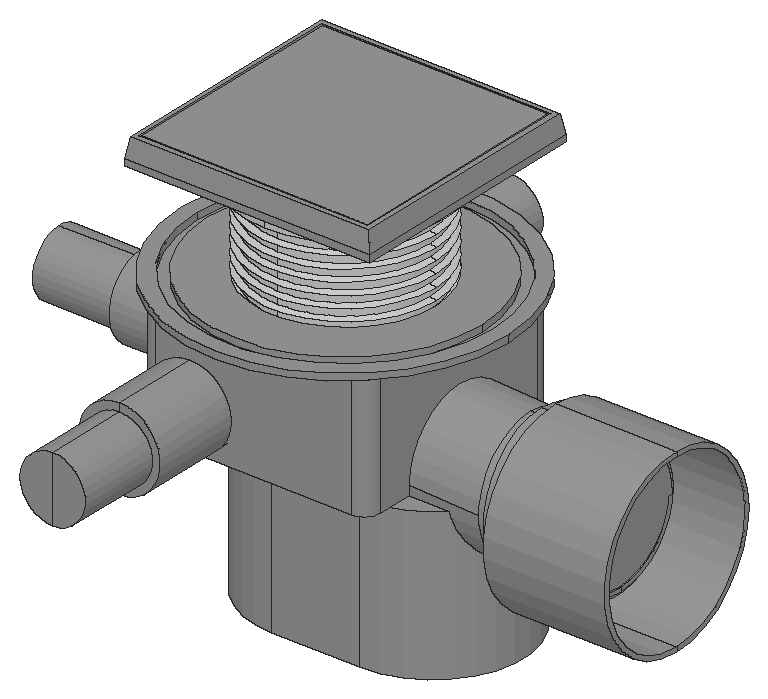
Revit family "HL_Трап для внутренних помещений_HL70G", category Instalační zařizovací předměty, Revit 2016
Family settings
  Typ součásti = Normální
  Kóta kulaté spojky = Použít průměr
  Číslo OmniClass = 23.70.50.21.24.14
  Nadpis OmniClass = Deck Waste Water Drains
  Založené na pracovní rovině = Ne
  Vždy vertikální = Ano
  Ořezat dutým tvarem při načtení = Ne
  Sdílené = Ano
  Bod výpočtu místnosti = Ano
Parameters (values of type "HL_Трап для внутренних помещений_HL70G")
  РЕШЁТКА = "137x137mm/ GJL"
  РАЗМЕР = "DN75/110"
  ПРОПУСКНАЯ СПОСОБНОСТЬ [instance] = 0.0 L/s
  ПРОИЗВОДИТЕЛЬНОСТЬ = "1,12 l/s"
  ПРИЁМНОЕ ОТВЕРСТИЕ = "3 x DN40/50"
  ПРАВОВАЯ ИНФОРМАЦИЯ = "\"Авторские права(©), права на дизайн или какие либо другие права интелектуальной собственности являются исключительной собственностью компании HL Hutterer & Lechner. Изменению не подлежит. Файл семейства с данными о прозводителе изделия защищен паролем с водяным знаком.\""
  ПАДЕНИЕ ДАВЛЕНИЯ [instance] = 0.0 Pa
  НОМИНАЛЬНЫЙ ДИАМЕТР 4 [instance] = 40 mm
  НОМИНАЛЬНЫЙ ДИАМЕТР 3 [instance] = 40 mm
  НОМИНАЛЬНЫЙ ДИАМЕТР 2 [instance] = 40 mm
  НОМИНАЛЬНЫЙ ДИАМЕТР [instance] = 110 mm
  НАСАДКА = "35-75 mm / 150 x 150 mm / GJL"
  МАТЕРИАЛ = "PE"
  МАКСИМАЛЬНАЯ НАГРУЗКА КЛАССА = "A/L15 - 1,5 t"
  ВЫСОТА МОНТАЖА = "213 mm"
  ВЕС = "2,892 kg"
  Připojení ventilace = no
  Výrobce = "HL Hutterer & Lechner GmbH"
  URL = "http://www.hutterer-lechner.com/ru/products/catalog/roof-drains/HL70G.aspx"
  Připojení odpadu = yes
  Připojení HW = no
  Popis = "Трап для внутренних помещений"
  N [instance] = НОМИНАЛЬНЫЙ ДИАМЕТР = 110 mm  # yes
  Model = "HL70G"
  L24 [instance] = 39 mm
  Komentáře k typům = "Трап для внутренних помещений DN75/110 горизонтальный с предохранительным затвором обратного потока воды и тремя входными отверстиями DN40/50, 150х150мм/137х137мм чугун"
  Keynote = "HL70G"
  Высота монтажа [instance] = 80 mm
  Připojení CW = no
  FO [instance] = FI1 + FI2 + FI3 + ПРОПУСКНАЯ СПОСОБНОСТЬ  # 0.0 L/s
  FI3 [instance] = 0.0 L/s
  FI2 [instance] = 0.0 L/s
  FI1 [instance] = 0.0 L/s
  EAN = "9003076001941"
  E [instance] = if(Высота монтажа > 80.1 mm, 120 mm, Высота монтажа)  # 80 mm
  D4 [instance] = if(НОМИНАЛЬНЫЙ ДИАМЕТР 4 = 40 mm, 174.8 mm, if(НОМИНАЛЬНЫЙ ДИАМЕТР 4 = 50 mm, 123.8 mm, 0 mm))  # 174.8 mm
  D3 [instance] = if(НОМИНАЛЬНЫЙ ДИАМЕТР 3 = 40 mm, 175 mm, if(НОМИНАЛЬНЫЙ ДИАМЕТР 3 = 50 mm, 124 mm, 0 mm))  # 175 mm
  D2 [instance] = if(НОМИНАЛЬНЫЙ ДИАМЕТР 2 = 40 mm, 174.8 mm, if(НОМИНАЛЬНЫЙ ДИАМЕТР 2 = 50 mm, 123.8 mm, 0 mm))  # 174.8 mm
  D1 [instance] = if(НОМИНАЛЬНЫЙ ДИАМЕТР = 75 mm, 168.8 mm, 202.6 mm)  # 202.6 mm
  D [instance] = Высота монтажа + 56.6 mm  # 136.6 mm
  C [instance] = Высота монтажа + 56.6 mm  # 136.6 mm
  B [instance] = if(НОМИНАЛЬНЫЙ ДИАМЕТР = 75 mm, 81 mm, 82.7 mm) + Высота монтажа  # 162.7 mm
  A [instance] = if(B - 100 mm > 15 mm, B - 100 mm, 15 mm)  # 62.7 mm
Reference planes
  plane 1 "Center (Front/Back)": y = 0
  plane 2: z = 0
  plane 3 "Center (Left/Right)": x = 0
  plane 4 "Ball Joint Vertical": x = 25.45
  plane 5: z = -80
  plane 6: z = -162.7
  plane 7: x = -39
Lines and regions (mm)
  model lines, style "InvisibleLines"
    curve 1: line (0, 0, 0) -> (0, 0, 560)
  reference lines
    curve 2: line (172.6, 0, -162.7) -> (202.6, 0, -162.7)
    curve 6: line (-39, 0, -136.6) -> (-175, 0, -136.6)
    curve 24: line (-39, 0, -136.6) -> (-39, 174.8, -136.6)
    curve 25: line (-39, 0, -136.6) -> (-39, -174.8, -136.6)
  model lines, detail levels coarse+medium
    curve 3: line (0, 0, -162.7) -> (0, 0, -100)
    curve 4: line (0, 0, -100) -> (100, 0, 0)
    curve 5: line (0, 0, -100) -> (-100, 0, 0)
    curve 7: line (0, 0, -162.7) -> (202.6, 0, -162.7)
  symbolic lines, style "PlumbingFixtures", detail levels coarse+medium
    curve 8: line (-75, 75, 0) -> (75, 75, 0)
    curve 9: line (-75, -75, 0) -> (-75, 75, 0)
    curve 10: line (75, -75, 0) -> (-75, -75, 0)
    curve 11: line (75, 75, 0) -> (75, -75, 0)
    curve 12: line (-75, 75, 0) -> (-145.711, 145.711, 0)
    curve 13: line (75, 75, 0) -> (145.711, 145.711, 0)
    curve 14: line (-75, -75, 0) -> (-145.711, -145.711, 0)
    curve 15: line (75, -75, 0) -> (145.711, -145.711, 0)
  symbolic lines, style "PlumbingFixtures", not visible, detail levels coarse+medium
    curve 16: line (-75, 75, 0) -> (75, 75, 0)
    curve 17: line (-75, -75, 0) -> (-75, 75, 0)
    curve 18: line (75, -75, 0) -> (-75, -75, 0)
    curve 19: line (75, 75, 0) -> (75, -75, 0)
    curve 20: line (-75, 75, 0) -> (-145.711, 145.711, 0)
    curve 21: line (75, 75, 0) -> (145.711, 145.711, 0)
    curve 22: line (-75, -75, 0) -> (-145.711, -145.711, 0)
    curve 23: line (75, -75, 0) -> (145.711, -145.711, 0)
Text (mm)
  text "FLOOR" at (-198.233, 0, -26.556), in view "вид строительства"
Dimensions and locks
  locked: plane 4 "Ball Joint Vertical" to plane 3 "Center (Left/Right)" at 25.45
  "Высота монтажа": plane 2 to plane 5
  "A": curve 5 to plane 6
  "B": curve 5 to plane 6
  "B": curve 4 to plane 6
  "B": plane 2 to plane 6
  "C": plane 2 to curve 6
  "B": plane 2 to curve 7
  "D3": plane 3 "Center (Left/Right)" to curve 6
  "L24": plane 7 to plane 3 "Center (Left/Right)"
  "D1": curve 2 to plane 3 "Center (Left/Right)"
  "D1": curve 7 to plane 3 "Center (Left/Right)"
  "D4": curve 24 to plane 1 "Center (Front/Back)"
  "D2": plane 1 "Center (Front/Back)" to curve 25
  "D": curve 25 to plane 2
  locked: plane 5 to nested 4 at 76.745
  locked: curve 4 to plane 3 "Center (Left/Right)" (angle 45.00°)
  locked: plane 3 "Center (Left/Right)" to curve 5 (angle 45.00°)
  aligned and locked: level to plane 2
  aligned and locked: plane 2 to curve 1
  aligned and locked: plane 3 "Center (Left/Right)" to curve 1
  aligned and locked: plane 3 "Center (Left/Right)" to curve 5
  aligned and locked: plane 6 to curve 2
  aligned and locked: plane 5 to nested 1
  aligned and locked: nested 1 to plane 3 "Center (Left/Right)"
  aligned and locked: nested 3 to nested 2
  aligned and locked: nested 2 to nested 3
  aligned and locked: plane 3 "Center (Left/Right)" to nested 2
  aligned and locked: plane 2 to nested 2
Automatic sketch dimensions
  level to curve 1 = 560 mm
  curve 6 to plane 7 = 0 mm
  curve 2 to curve 2 = 30 mm
  curve 25 to plane 1 "Center (Front/Back)" = 0 mm
Nested families
  nested 1: "HL-Трап для внутренних помещений-HL70K" at (0, 0, -80) x (-1, 0, 0) z (0, 0, 1), НОМИНАЛЬНЫЙ ДИАМЕТР 2 <- "НОМИНАЛЬНЫЙ ДИАМЕТР 2", НОМИНАЛЬНЫЙ ДИАМЕТР 3 <- "НОМИНАЛЬНЫЙ ДИАМЕТР 3", НОМИНАЛЬНЫЙ ДИАМЕТР 4 <- "НОМИНАЛЬНЫЙ ДИАМЕТР 4", type "HL-Трап для внутренних помещений-HL70K"
    with НОМИНАЛЬНЫЙ ДИАМЕТР 4 40 mm, НОМИНАЛЬНЫЙ ДИАМЕТР 3 40 mm, НОМИНАЛЬНЫЙ ДИАМЕТР 2 40 mm, НОМИНАЛЬНЫЙ ДИАМЕТР 0 mm, ND4 -90 mm, ND3 -90 mm, ND2 -90 mm
  nested 2: "HL-Насадная деталь-HL037G.2E" at (0, 0, 0), Высота монтажа <- "E", type "HL037G.2E"
    with Высота монтажа 80 mm, RN 10, RL 65 mm, R yes, NL_Test yes, NL 100 mm
  nested 3: "HL-Решётка-HL037G.1E" at (0, 0, 0), type "HL037G.1E"
  nested 4: "HL-Уменьшение-HL0317.4E" at (128.665, 0, -217.745) x (1, 0, 0) z (0, 0, -1), visible <- "N", type "HL0317.4E"
Connectors
  piping at (202.6, 0, -162.7), diameter 110, driven by "НОМИНАЛЬНЫЙ ДИАМЕТР", driven by "FO"
    settings: on curve 2, index 1, connector inside diameter 609.6 mm, connector length 0 mm, flow factor 0, pipe flow 0.0 L/s, pressure drop 0.0 Pa, fitting loss kfactor 0, connector angle 0.00°, fixture units 0, engagement length 0 mm, angle of deflection 0.00°, flow configuration 1, flow direction 2, fitting loss method 0, system type 16, joint type 0, gender type 0, connector reference index 2, connector utility 0, adjustable connector yes, is connector primary no, connector description ""
  piping at (-175, 0, -136.6), diameter 40, driven by "НОМИНАЛЬНЫЙ ДИАМЕТР 3", driven by "FI2"
    settings: on curve 6, index 2, connector inside diameter 609.6 mm, connector length 0 mm, flow factor 0, pipe flow 0.0 L/s, pressure drop 0.0 Pa, fitting loss kfactor 0, connector angle 0.00°, fixture units 0, engagement length 0 mm, angle of deflection 0.00°, flow configuration 0, flow direction 1, fitting loss method 0, system type 16, joint type 0, gender type 0, connector reference index 1, connector utility 0, adjustable connector yes, is connector primary yes, connector description ""
  piping at (-39, 174.8, -136.6), diameter 40, driven by "НОМИНАЛЬНЫЙ ДИАМЕТР 4", driven by "FI3"
    settings: on curve 24, index 4, connector inside diameter 609.6 mm, connector length 0 mm, flow factor 0, pipe flow 0.0 L/s, pressure drop 0.0 Pa, fitting loss kfactor 0, connector angle 0.00°, fixture units 0, engagement length 0 mm, angle of deflection 0.00°, flow configuration 0, flow direction 1, fitting loss method 0, system type 16, joint type 0, gender type 0, connector reference index -1, connector utility 0, adjustable connector yes, is connector primary no, connector description ""
  piping at (-39, -174.8, -136.6), diameter 40, driven by "НОМИНАЛЬНЫЙ ДИАМЕТР 2", driven by "FI1"
    settings: on curve 25, index 5, connector inside diameter 609.6 mm, connector length 0 mm, flow factor 0, pipe flow 0.0 L/s, pressure drop 0.0 Pa, fitting loss kfactor 0, connector angle 0.00°, fixture units 0, engagement length 0 mm, angle of deflection 0.00°, flow configuration 0, flow direction 1, fitting loss method 0, system type 16, joint type 0, gender type 0, connector reference index -1, connector utility 0, adjustable connector yes, is connector primary no, connector description ""
Definition of nested family "HL-Трап для внутренних помещений-HL70K"
  Parameters
    РАЗМЕР = ""
    ПРОИЗВОДИТЕЛЬНОСТЬ = ""
    ПРИЁМНОЕ ОТВЕРСТИЕ = ""
    НОМИНАЛЬНЫЙ ДИАМЕТР 4 [instance] = 40 mm
    НОМИНАЛЬНЫЙ ДИАМЕТР 3 [instance] = 40 mm
    НОМИНАЛЬНЫЙ ДИАМЕТР 2 [instance] = 40 mm
    НОМИНАЛЬНЫЙ ДИАМЕТР [instance] = 0 mm
    МАТЕРИАЛ = ""
    ВЫСОТА МОНТАЖА = ""
    ВЕС = ""
    Manufacturer = ""
    URL = ""
    Description = ""
    ND4 [instance] = if(НОМИНАЛЬНЫЙ ДИАМЕТР 4 = 40 mm, -90 mm, if(НОМИНАЛЬНЫЙ ДИАМЕТР 4 = 50 mm, 0 mm, -100 mm))  # -90 mm
    ND3 [instance] = if(НОМИНАЛЬНЫЙ ДИАМЕТР 3 = 40 mm, -90 mm, if(НОМИНАЛЬНЫЙ ДИАМЕТР 3 = 50 mm, 0 mm, -100 mm))  # -90 mm
    ND2 [instance] = if(НОМИНАЛЬНЫЙ ДИАМЕТР 2 = 40 mm, -90 mm, if(НОМИНАЛЬНЫЙ ДИАМЕТР 2 = 50 mm, 0 mm, -100 mm))  # -90 mm
    Model = ""
    LEGAL NOTICE = ""
    Type Comments = ""
    Keynote = ""
    EAN = ""
    Cost = 0
  Types (2, lengths in mm): name | РАЗМЕР | ПРОИЗВОДИТЕЛЬНОСТЬ | ПРИЁМНОЕ ОТВЕРСТИЕ | МАТЕРИАЛ | ВЫСОТА МОНТАЖА | ВЕС | Manufacturer | URL | Description | Model | LEGAL NOTICE | Type Comments | Keynote | EAN
    (no name) | "" | "" | "" | "" | "" | "" | "" | "" | "" | "" | "" | "" | "" | ""
    HL-Трап для внутренних помещений-HL70K | "DN75/110" | "1,12 l/s" | "3 x DN40/50" | "PE" | "173 mm" | "0,726 kg" | "HL Hutterer & Lechner GmbH" | "http://www.hutterer-lechner.com/ru/products/catalog/roof-drains/HL70K.aspx" | "Трап для внутренних помещений" | "HL70K" | "\"Авторские права(©), права на дизайн или какие либо другие права интелектуальной собственности являются исключительной собственностью компании HL Hutterer & Lechner. Изменению не подлежит. Файл семейства с данными о прозводителе изделия защищен паролем с водяным знаком.\"" | "Трап для внутренних помещений DN75/110 горизонтальный с предохранительным затвором обратного потока воды и тремя входными отверстиями DN40/50." | "HL70K" | "9003076011995"
  Reference planes
    plane 1 "Střed (vpředu/vzadu)": y = 0
    plane 2: z = 0
    plane 3 "Střed (vlevo/vpravo)": x = 0
  Forms (mm)
    Extrusion 1, solid, detail levels fine
      sketch origin (0, 0, 0) x (1, 0, 0) y (0, 1, 0)
        loop
          circle (0, 0) r 100
        loop
          circle (0, 0) r 90.712
        loop
          circle (0, 0) r 83.924
        loop
          circle (0, 0) r 55.36
      from 0 to -4
    Extrusion 2, solid, detail levels fine
      sketch origin (0, 0, -4) x (0, 1, 0) y (1, 0, 0)
        loop
          circle (0, 0) r 93.56
      from 0 to 3
    Extrusion 3, solid, detail levels fine
      sketch origin (0, 0, -7) x (-1, 0, 0) y (0, 1, 0)
        loop
          arc (60, -70) -> (67.071, -67.071) -> (70, -60) r 10
          line (70, -60) -> (70, 60)
          arc (70, 60) -> (67.071, 67.071) -> (60, 70) r 10
          line (60, 70) -> (-60, 70)
          arc (-60, 70) -> (-67.071, 67.071) -> (-70, 60) r 10
          line (-70, 60) -> (-70, -60)
          arc (-70, -60) -> (-67.071, -67.071) -> (-60, -70) r 10
          line (-60, -70) -> (60, -70)
      from 0 to 74.618
    Extrusion 4, solid, detail levels fine
      sketch origin (0, 0, -81.618) x (0, -1, 0) y (-1, 0, 0)
        loop
          arc (-56, 0) -> (-0.32, -55.68) -> (55.36, 0) r 55.68
          line (55.36, 0) -> (55.36, 54)
          arc (55.36, 54) -> (-0.32, 109.68) -> (-56, 54) r 55.68
          line (-56, 54) -> (-56, 0)
      from 0 to 92
    Sweep 5, solid, detail levels fine
      path origin (0, 0, 1.669) x (1, 0, 0) y (0, 0, 1)
        loop
          line (-167.087, -116.62) -> (-37.204, -111.12)
      profile origin (-102.145, 0, -112.201) x (-0.042308, 0, 0.999105) y (0, -1, 0)
        loop
          circle (34.934, 0) r 39
    Revolve 6, solid, detail levels fine
      sketch origin (0, 0, 22.014) x (1, 0, 0) y (0, 0, 1)
        loop
          line (175, -78.618) -> (175, -58.618) -> (124.072, -58.618) -> (124.072, -53.618) -> (65, -53.618) -> (65, -78.618) -> (175, -78.618)
        axis (175, -78.618) -> (65, -78.618)
      angle from 0 to 360
    Extrusion 7, void
      sketch origin (124.072, 0, -56.604) x (0, -1, 0) y (0, 0, 1)
        loop
          circle (0, 0) r 25
      from -100 to -90 <- "ND3"
    Revolve 8, solid, detail levels fine
      sketch origin (39, -0.32, 22.014) x (0, 1, 0) y (0, 0, 1)
        loop
          line (175, -78.618) -> (175, -58.618) -> (124.072, -58.618) -> (124.072, -53.618) -> (65, -53.618) -> (65, -78.618) -> (175, -78.618)
        axis (175, -78.618) -> (65, -78.618)
      angle from 0 to 360
    Extrusion 9, void
      sketch origin (39, 123.752, -56.604) x (1, 0, 0) y (0, 0, 1)
        loop
          circle (0, 0) r 25
      from -100 to -90 <- "ND2"
    Revolve 10, solid, detail levels fine
      sketch origin (39, 0.32, 22.014) x (0, -1, 0) y (0, 0, -1)
        loop
          line (175, 78.618) -> (65, 78.618) -> (65, 53.618) -> (124.072, 53.618) -> (124.072, 58.618) -> (175, 58.618) -> (175, 78.618)
        axis (175, 78.618) -> (65, 78.618)
      angle from 0 to 360
    Extrusion 11, void
      sketch origin (39, -123.752, -56.604) x (0, 0, -1) y (-1, 0, 0)
        loop
          circle (0, 0) r 25
      from -100 to -90 <- "ND4"
  Cuts and joins
    Extrusion 11 cuts Revolve 10
    Extrusion 7 cuts Revolve 6
    Extrusion 9 cuts Revolve 8
  Dimensions and locks
    aligned and locked: level to plane 2
Definition of nested family "HL-Насадная деталь-HL037G.2E"
  Parameters
    РАЗМЕР = "d 110 mm"
    ПРАВОВАЯ ИНФОРМАЦИЯ = "Авторские права(©), права на дизайн или какие либо другие права интелектуальной собственности являются исключительной собственностью компании HL Hutterer & Lechner. Изменению не подлежит. Файл семейства с данными о прозводителе изделия защищен паролем с водяным знаком."  # constant formula
    НАСАДКА = "150x150mm"
    МАКСИМАЛЬНАЯ НАГРУЗКА КЛАССА = "A/L15 - 1,5 t"
    Высота монтажа [instance] = 75 mm
    ВЕС = "2,03 [kg]"
    Waste Connection = yes
    Vent Connection = no
    RD = 6.5 mm  # constant formula
    R [instance] = ((Высота монтажа - NL_Min) / RD - 1) > 2  # yes
    RL [instance] = RD * RN  # 58.5 mm
    NL_Test [instance] = and(or(Высота монтажа < NL_Max, Высота монтажа = NL_Max), or(Высота монтажа > NL_Min, Высота монтажа = NL_Min))  # yes
    NL_Min = 30 mm
    NL_Max = 95 mm
    NL [instance] = if(NL_Test, Высота монтажа + 20 mm, 0 mm)  # 95 mm
    RN [instance] = if((Высота монтажа + 20 mm - NL_Min) / RD - 1 < 2, 2, (Высота монтажа + 20 mm - NL_Min) / RD - 1)  # 9
    Manufacturer = "HL Hutterer & Lechner GmbH"  # constant formula
    URL = "http://www.hutterer-lechner.com/ru/Products/catalog/floor-drains/attachments/HL037G.2E.aspx"
    HW Connection = no
    Description = "Трапы для внутренних помещений - Комплектующие"
    Model = "HL037G.2E"
    Type Comments = "HL037G.2E Подрамники d 110 мм из чугуна 150х150 мм"
    Keynote = "HL037G.2E"
    EAN = "9003076025404"
    CW Connection = no
  Reference planes
    plane 1 "Center (Front/Back)": y = 0
    plane 2: z = 0
    plane 3 "Center (Left/Right)": x = 0
    plane 4 "Ball Joint Vertical": x = 25.45
    plane 5: z = -95
  Forms (mm)
    Extrusion 1, solid, detail levels fine
      sketch origin (0, 0, 0) x (1, 0, 0) y (0, 1, 0)
        loop
          line (-75, 75) -> (-75, -75) -> (75, -75) -> (75, 75) -> (-75, 75)
        loop
          circle (0, 0) r 50.15
      from -12 to -16
    Sweep 2, solid, detail levels fine
      path in 3D
        loop
          line (-75, 75, -12) -> (-75, -75, -12) -> (75, -75, -12) -> (75, 75, -12) -> (-75, 75, -12)
      profile origin (0, 75, -12) x (0, -1, 0) y (0, 0, 1)
        loop
          line (2.116, 12) -> (0, 0) -> (15, 0) -> (15, 4) -> (5, 4) -> (5, 12) -> (2.116, 12)
    Extrusion 3, solid, detail levels fine
      sketch origin (0, 0, 0) x (1, 0, 0) y (0, 1, 0)
        loop
          line (-60, 60) -> (-60, -60) -> (60, -60) -> (60, 60) -> (-60, 60)
        loop
          circle (0, 0) r 50.5
      from -8 to -12
    Revolve 4, solid, detail levels fine
      sketch origin (0, 0, 0) x (0, 1, 0) y (0, 0, 1)
        loop
          line (64.5, -16) -> (62.224, -16) -> (59.8, -18.424) -> (59.8, -27.8) -> (50.15, -27.8) -> (50.15, -29.5) -> (50.15, -95) -> (51.85, -95) -> (51.85, -29.5) -> (61.5, -29.5) -> (61.5, -19) -> (64.5, -16)
        axis (0, -16) -> (0, -95)
      angle from 0 to 360
  Cuts and joins
    joined: Extrusion 1, Sweep 2, Extrusion 3
  Lines and regions (mm)
    symbolic lines
      curve 1: line (0, 0, -95) -> (0, 0, 0)
    sketch lines
      curve 2: line (75, 75, -12) -> (-75, 75, -12)
      curve 3: line (75, -75, -12) -> (75, 75, -12)
      curve 4: line (-75, -75, -12) -> (75, -75, -12)
      curve 5: line (-75, 75, -12) -> (-75, -75, -12)
  Text (mm)
    text "ROOF/FLOOR" at (-198.233, 0, -26.556), in view "Drain Construction View"
  Dimensions and locks
    locked: plane 4 "Ball Joint Vertical" to plane 3 "Center (Left/Right)" at 25.45
    "NL": plane 2 to plane 5
    equal spacing: group 1, group 3, group 4, group 5, group 6, group 7, group 8, group 9, group 2  (x3)
    "RL": nested 2 to nested 1
    locked: nested 1 to plane 5 at 1.516
    aligned and locked: level to plane 2
    aligned and locked: plane 3 "Center (Left/Right)" to nested 1
    aligned and locked: plane 1 "Center (Front/Back)" to nested 1
    aligned and locked: plane 2 to curve 1
    aligned and locked: plane 5 to curve 1
    aligned and locked: plane 5 to Revolve 4
  Automatic sketch dimensions
    curve 1 to plane 4 "Ball Joint Vertical" = 25.45 mm
    Extrusion 1 sketch curve to Extrusion 1 sketch curve = 0 mm  (x2)
    plane 1 "Center (Front/Back)" to Extrusion 1 sketch curve = 0 mm
    Extrusion 1 sketch curve to plane 3 "Center (Left/Right)" = 0 mm
    Extrusion 1 sketch curve to plane 3 "Center (Left/Right)" = 75 mm
    plane 4 "Ball Joint Vertical" to Extrusion 1 sketch curve = 49.55 mm
    plane 1 "Center (Front/Back)" to Extrusion 1 sketch curve = 75 mm
    Extrusion 1 sketch curve to plane 1 "Center (Front/Back)" = 75 mm
    plane 1 "Center (Front/Back)" to Extrusion 1 sketch curve = 5.198 mm
    Extrusion 1 sketch curve to plane 3 "Center (Left/Right)" = 49.88 mm
    Extrusion 1 sketch curve to plane 1 "Center (Front/Back)" = 5.198 mm
    Sweep 2 sketch curve to profile plane = 0 mm  (x2)
    Sweep 2 sketch curve to profile plane = 2.116 mm
    Sweep 2 sketch curve to Sweep 2 sketch curve = 2.884 mm
    profile plane to Sweep 2 sketch curve = 4 mm
    Sweep 2 sketch curve to Sweep 2 sketch curve = 10 mm
    Sweep 2 sketch curve to Sweep 2 sketch curve = 8 mm
    Extrusion 3 sketch curve to Extrusion 3 sketch curve = 0 mm  (x2)
    plane 1 "Center (Front/Back)" to Extrusion 3 sketch curve = 0 mm
    Extrusion 3 sketch curve to plane 3 "Center (Left/Right)" = 0 mm
    Extrusion 3 sketch curve to plane 3 "Center (Left/Right)" = 60 mm
    plane 4 "Ball Joint Vertical" to Extrusion 3 sketch curve = 34.55 mm
    plane 1 "Center (Front/Back)" to Extrusion 3 sketch curve = 60 mm
    Extrusion 3 sketch curve to plane 1 "Center (Front/Back)" = 60 mm
    Extrusion 3 sketch curve to plane 1 "Center (Front/Back)" = 5.234 mm
    Extrusion 3 sketch curve to plane 3 "Center (Left/Right)" = 50.228 mm
    plane 1 "Center (Front/Back)" to Extrusion 3 sketch curve = 5.234 mm
    Revolve 4 sketch curve to plane 1 "Center (Front/Back)" = 0 mm
    Revolve 4 sketch curve to plane 1 "Center (Front/Back)" = 50.15 mm
    Revolve 4 sketch curve to Revolve 4 sketch curve = 1.7 mm  (x3)
    Revolve 4 sketch curve to Revolve 4 sketch curve = 7.95 mm
    Revolve 4 sketch curve to level = 16 mm
    Revolve 4 sketch curve to Revolve 4 sketch curve = 0.724 mm
    Revolve 4 sketch curve to Revolve 4 sketch curve = 2.276 mm
    Revolve 4 sketch curve to Revolve 4 sketch curve = 2.424 mm
    Revolve 4 sketch curve to Revolve 4 sketch curve = 0.576 mm
    Revolve 4 sketch curve to Revolve 4 sketch curve = 9.376 mm
    Revolve 4 sketch curve to Revolve 4 sketch curve = 0 mm
    Revolve 4 sketch curve to plane 5 = 0 mm
    Revolve 4 sketch curve to plane 5 = 60 mm
    level to Revolve 4 sketch curve = 50 mm
  Nested families
    nested 1: "Ring" at (0, 0, -93.484), visible <- "R", type "Ring"
      with R 51.9 mm, D 103.8 mm
    nested 2: "Ring" at (0, 0, -34.984), visible <- "R", type "Ring"
      with R 51.9 mm, D 103.8 mm
    nested 3: "Ring" at (0, 0, -86.171), visible <- "R", type "Ring"
      with R 51.9 mm, D 103.8 mm
    nested 4: "Ring" at (0, 0, -78.859), visible <- "R", type "Ring"
      with R 51.9 mm, D 103.8 mm
    nested 5: "Ring" at (0, 0, -71.546), visible <- "R", type "Ring"
      with R 51.9 mm, D 103.8 mm
    nested 6: "Ring" at (0, 0, -64.234), visible <- "R", type "Ring"
      with R 51.9 mm, D 103.8 mm
    nested 7: "Ring" at (0, 0, -56.921), visible <- "R", type "Ring"
      with R 51.9 mm, D 103.8 mm
    nested 8: "Ring" at (0, 0, -49.609), visible <- "R", type "Ring"
      with R 51.9 mm, D 103.8 mm
    nested 9: "Ring" at (0, 0, -42.296), visible <- "R", type "Ring"
      with R 51.9 mm, D 103.8 mm
  Definition of nested family "Ring"
    Parameters (values of type "Ring")
      Manufacturer = ""
      URL = ""
      R = D / 2  # 51.5 mm
      Description = ""
      Model = ""
      Material = none
      Type Comments = ""
      D = 103 mm
      Cost = 0
    Reference planes
      plane 1 "Střed (vpředu/vzadu)": y = 0
      plane 2: z = 0
      plane 3 "Střed (vlevo/vpravo)": x = 0
    Forms (mm)
      Revolve 1, solid, material <- "Material", detail levels fine
        sketch origin (0, 0, 0) x (1, 0, 0) y (0, 0, 1)
          loop
            line (-51.5, 1.482) -> (-54.764, 0) -> (-51.5, -1.516) -> (-51.5, 1.482)
          axis (0, 1.482) -> (0, -1.516)
        angle from 0 to 360
    Dimensions and locks
      "R": Revolve 1 sketch curve to plane 3 "Střed (vlevo/vpravo)"
      aligned and locked: level to plane 2
      aligned and locked: Revolve 1 sketch curve to plane 3 "Střed (vlevo/vpravo)"
    Automatic sketch dimensions
      Revolve 1 sketch curve to level = 0 mm
      Revolve 1 sketch curve to Revolve 1 sketch curve = 3.264 mm
      Revolve 1 sketch curve to level = 1.516 mm
      level to Revolve 1 sketch curve = 1.482 mm
      Revolve 1 sketch curve to level = 381 mm
      Revolve 1 sketch curve to Revolve 1 sketch curve = 2212.833 mm
Definition of nested family "HL-Решётка-HL037G.1E"
  Parameters
    РАЗМЕР = "137x137mm"
    ПРАВОВАЯ ИНФОРМАЦИЯ = "Авторские права(©), права на дизайн или какие либо другие права интелектуальной собственности являются исключительной собственностью компании HL Hutterer & Lechner. Изменению не подлежит. Файл семейства с данными о прозводителе изделия защищен паролем с водяным знаком."  # constant formula
    МАТЕРИАЛ = "Gusseisen"
    МАКСИМАЛЬНАЯ НАГРУЗКА КЛАССА = "A/L15 - 1,5 t"
    ВЕС = "0,91 [kg]"
    Waste Connection = yes
    Vent Connection = no
    Manufacturer = "HL Hutterer & Lechner GmbH"  # constant formula
    URL = "http://www.hutterer-lechner.com/ru/Products/catalog/floor-drains/attachments/HL037G.1E.aspx"
    HW Connection = no
    Description = "Трапы для внутренних помещений - Комплектующие"
    Model = "HL037G.1E"
    Type Comments = "HL037G.1E Чугунные решетки для сливных отверстий 137х137мм"
    Keynote = "HL037G.1E"
    EAN = "9003076009046"
    CW Connection = no
  Reference planes
    plane 1 "Center (Front/Back)": y = 0
    plane 2: z = 0
    plane 3 "Center (Left/Right)": x = 0
    plane 4 "Ball Joint Vertical": x = 25.45
  Forms (mm)
    Extrusion 1, solid, detail levels fine
      sketch origin (0, 0, 0) x (1, 0, 0) y (0, 1, 0)
        loop
          line (-69, 69) -> (-69, -69) -> (69, -69) -> (69, 69) -> (-69, 69)
      from 0 to -8
  Lines and regions (mm)
    model lines, detail levels fine
      curve 1: line (-8.15, 4.25, 0) -> (-8.15, -4.25, 0)
      curve 2: line (-6.4, 1.625, 0) -> (-6.4, 4.25, 0)
      curve 3: line (-2.65, 0.875, 0) -> (-5.65, 0.875, 0)
      curve 4: line (-5.65, -0.875, 0) -> (-2.65, -0.875, 0)
      curve 5: line (-6.4, -4.25, 0) -> (-6.4, -1.625, 0)
      curve 6: line (-0.15, -4.25, 0) -> (-0.15, 4.25, 0)
      curve 7: line (1.65, 4.25, 0) -> (1.65, -4.25, 0)
      curve 8: line (3.4, -2.5, 0) -> (3.4, 4.25, 0)
      curve 9: line (7.4, -3.25, 0) -> (4.15, -3.25, 0)
      curve 10: line (2.4, -5, 0) -> (7.4, -5, 0)
      curve 11: arc (-8.15, -4.25, 0) -> (-7.275, -5.125, 0) -> (-6.4, -4.25, 0) r 0.875
      curve 12: arc (-8.15, 4.25, 0) -> (-7.275, 5.125, 0) -> (-6.4, 4.25, 0) r 0.875
      curve 13: arc (-6.4, 1.625, 0) -> (-6.18, 1.095, 0) -> (-5.65, 0.875, 0) r 0.75
      curve 14: arc (-5.65, -0.875, 0) -> (-6.18, -1.095, 0) -> (-6.4, -1.625, 0) r 0.75
      curve 15: arc (-2.65, -0.875, 0) -> (-2.12, -1.095, 0) -> (-1.9, -1.625, 0) r 0.75
      curve 16: arc (-2.65, 0.875, 0) -> (-2.12, 1.095, 0) -> (-1.9, 1.625, 0) r 0.75
      curve 17: arc (-1.9, 4.25, 0) -> (-1.025, 5.125, 0) -> (-0.15, 4.25, 0) r 0.875
      curve 18: arc (1.65, 4.25, 0) -> (2.525, 5.125, 0) -> (3.4, 4.25, 0) r 0.875
      curve 19: arc (7.4, -3.25, 0) -> (8.275, -4.125, 0) -> (7.4, -5, 0) r 0.875
      curve 20: arc (4.15, -3.25, 0) -> (3.62, -3.03, 0) -> (3.4, -2.5, 0) r 0.75
      curve 21: arc (1.65, -4.25, 0) -> (1.87, -4.78, 0) -> (2.4, -5, 0) r 0.75
      curve 22: arc (-1.9, -4.25, 0) -> (-1.025, -5.125, 0) -> (-0.15, -4.25, 0) r 0.875
      curve 23: line (-1.9, -1.625, 0) -> (-1.9, -4.25, 0)
      curve 24: line (-1.9, 1.625, 0) -> (-1.9, 4.25, 0)
      curve 25: line (-10.607, 16.263, 0) -> (-28.989, 34.646, 0)
      curve 26: line (-34.646, 28.989, 0) -> (-16.263, 10.607, 0)
      curve 27: line (-21.211, 38.181, 0) -> (-12.021, 28.991, 0)
      curve 28: line (-6.364, 34.648, 0) -> (-15.554, 43.838, 0)
      curve 29: line (-28.991, 12.021, 0) -> (-38.181, 21.211, 0)
      curve 30: line (-43.838, 15.554, 0) -> (-34.648, 6.364, 0)
      curve 31: arc (-43.838, 15.554, 0) -> (-43.838, 21.211, 0) -> (-38.181, 21.211, 0) r 4
      curve 32: arc (-28.991, 12.021, 0) -> (-28.991, 6.364, 0) -> (-34.648, 6.364, 0) r 4
      curve 33: arc (-34.646, 28.989, 0) -> (-34.646, 34.646, 0) -> (-28.989, 34.646, 0) r 4
      curve 34: arc (-16.263, 10.607, 0) -> (-10.607, 10.607, 0) -> (-10.607, 16.263, 0) r 4
      curve 35: arc (-12.021, 28.991, 0) -> (-6.364, 28.991, 0) -> (-6.364, 34.648, 0) r 4
      curve 36: arc (-21.211, 38.181, 0) -> (-21.211, 43.838, 0) -> (-15.554, 43.838, 0) r 4
      curve 37: line (16.263, 10.607, 0) -> (34.646, 28.989, 0)
      curve 38: line (28.989, 34.646, 0) -> (10.607, 16.263, 0)
      curve 39: line (38.181, 21.211, 0) -> (28.991, 12.021, 0)
      curve 40: line (34.648, 6.364, 0) -> (43.838, 15.554, 0)
      curve 41: line (12.021, 28.991, 0) -> (21.211, 38.181, 0)
      curve 42: line (15.554, 43.838, 0) -> (6.364, 34.648, 0)
      curve 43: arc (15.554, 43.838, 0) -> (21.211, 43.838, 0) -> (21.211, 38.181, 0) r 4
      curve 44: arc (12.021, 28.991, 0) -> (6.364, 28.991, 0) -> (6.364, 34.648, 0) r 4
      curve 45: arc (28.989, 34.646, 0) -> (34.646, 34.646, 0) -> (34.646, 28.989, 0) r 4
      curve 46: arc (10.607, 16.263, 0) -> (10.607, 10.607, 0) -> (16.263, 10.607, 0) r 4
      curve 47: arc (28.991, 12.021, 0) -> (28.991, 6.364, 0) -> (34.648, 6.364, 0) r 4
      curve 48: arc (38.181, 21.211, 0) -> (43.838, 21.211, 0) -> (43.838, 15.554, 0) r 4
      curve 49: line (-10.607, -16.263, 0) -> (-28.989, -34.646, 0)
      curve 50: line (-34.646, -28.989, 0) -> (-16.263, -10.607, 0)
      curve 51: line (-21.211, -38.181, 0) -> (-12.021, -28.991, 0)
      curve 52: line (-6.364, -34.648, 0) -> (-15.554, -43.838, 0)
      curve 53: line (-28.991, -12.021, 0) -> (-38.181, -21.211, 0)
      curve 54: line (-43.838, -15.554, 0) -> (-34.648, -6.364, 0)
      curve 55: arc (-43.838, -15.554, 0) -> (-43.838, -21.211, 0) -> (-38.181, -21.211, 0) r 4
      curve 56: arc (-28.991, -12.021, 0) -> (-28.991, -6.364, 0) -> (-34.648, -6.364, 0) r 4
      curve 57: arc (-34.646, -28.989, 0) -> (-34.646, -34.646, 0) -> (-28.989, -34.646, 0) r 4
      curve 58: arc (-16.263, -10.607, 0) -> (-10.607, -10.607, 0) -> (-10.607, -16.263, 0) r 4
      curve 59: arc (-12.021, -28.991, 0) -> (-6.364, -28.991, 0) -> (-6.364, -34.648, 0) r 4
      curve 60: arc (-21.211, -38.181, 0) -> (-21.211, -43.838, 0) -> (-15.554, -43.838, 0) r 4
      curve 61: line (16.263, -10.607, 0) -> (34.646, -28.989, 0)
      curve 62: line (28.989, -34.646, 0) -> (10.607, -16.263, 0)
      curve 63: line (38.181, -21.211, 0) -> (28.991, -12.021, 0)
      curve 64: line (34.648, -6.364, 0) -> (43.838, -15.554, 0)
      curve 65: line (12.021, -28.991, 0) -> (21.211, -38.181, 0)
      curve 66: line (15.554, -43.838, 0) -> (6.364, -34.648, 0)
      curve 67: arc (15.554, -43.838, 0) -> (21.211, -43.838, 0) -> (21.211, -38.181, 0) r 4
      curve 68: arc (12.021, -28.991, 0) -> (6.364, -28.991, 0) -> (6.364, -34.648, 0) r 4
      curve 69: arc (28.989, -34.646, 0) -> (34.646, -34.646, 0) -> (34.646, -28.989, 0) r 4
      curve 70: arc (10.607, -16.263, 0) -> (10.607, -10.607, 0) -> (16.263, -10.607, 0) r 4
      curve 71: arc (28.991, -12.021, 0) -> (28.991, -6.364, 0) -> (34.648, -6.364, 0) r 4
      curve 72: arc (38.181, -21.211, 0) -> (43.838, -21.211, 0) -> (43.838, -15.554, 0) r 4
    model lines
      curve 73: line (0, 0, 0) -> (0, 0, 100)
  Text (mm)
    text "ROOF/FLOOR" at (-198.233, 0, -26.556), in view "Drain Construction View"
  Dimensions and locks
    locked: plane 4 "Ball Joint Vertical" to plane 3 "Center (Left/Right)" at 25.45
    aligned and locked: level to plane 2
Definition of nested family "HL-Уменьшение-HL0317.4E"
  Parameters
    РАЗМЕР = "DN110xDN75"
    ПРАВОВАЯ ИНФОРМАЦИЯ = "Авторские права(©), права на дизайн или какие либо другие права интелектуальной собственности являются исключительной собственностью компании HL Hutterer & Lechner. Изменению не подлежит. Файл семейства с данными о прозводителе изделия защищен паролем с водяным знаком."  # constant formula
    МАТЕРИАЛ = "PP"
    ВЕС = "0,10 [kg]"
    Waste Connection = yes
    Vent Connection = no
    Manufacturer = "HL Hutterer & Lechner GmbH"  # constant formula
    URL = "http://www.hutterer-lechner.com/ru/Products/catalog/floor-drains/attachments/HL0317.4E.aspx"
    HW Connection = no
    Description = "Трапы для внутренних помещений - Комплектующие"
    Model = "HL0317.4E"
    Type Comments = "HL0317.4E Уменьшение DN110xDN75"
    Keynote = "HL0317.4E"
    EAN = "9003076317042"
    CW Connection = no
  Reference planes
    plane 1 "Center (Front/Back)": y = 0
    plane 2: z = 0
    plane 3 "Center (Left/Right)": x = 0
    plane 4 "Ball Joint Vertical": x = 25.45
  Forms (mm)
    Revolve 1, solid, detail levels fine
      sketch origin (0, 0, 0) x (1, 0, 0) y (0, 0, 1)
        loop
          line (74, -2.7) -> (74, 0) -> (0, 0) -> (0, -55) -> (3, -55) -> (3, -2.7) -> (74, -2.7)
        axis (74, -55) -> (0, -55)
      angle from 0 to 360
    Revolve 2, solid, detail levels fine
      sketch origin (0, 0, 0) x (1, 0, 0) y (0, 0, 1)
        loop
          line (-15, -21.165) -> (-15, -23.3) -> (39.9, -23.3) -> (39.9, -21.3) -> (0, -21.3) -> (0, -17) -> (-8.629, -17) -> (-11.112, -21.165) -> (-15, -21.165)
        axis (-15, -61) -> (39.9, -61)
      angle from 0 to 360
    Extrusion 3, void
      sketch origin (0, 0, 0) x (0, 1, 0) y (0, 0, 1)
        loop
          arc (-33.715, -46.537) -> (-35.917, -53.62) -> (-36.661, -61) r 36.983
          arc (-36.661, -61) -> (-12.182, -95.805) -> (28.85, -84.535) r 36.983
          arc (28.85, -84.535) -> (31.932, -80.198) -> (34.36, -75.463) r 36.983
          arc (34.36, -75.463) -> (36.561, -68.38) -> (37.305, -61) r 36.983
          arc (37.305, -61) -> (7.702, -24.761) -> (-33.715, -46.537) r 36.983
      from 55.439 to -38.757
  Cuts and joins
    Extrusion 3 cuts Revolve 1
  Lines and regions (mm)
    reference lines
      curve 1: line (39.9, 0, -61) -> (-15, 0, -61)
  Text (mm)
    text "ROOF/FLOOR" at (-198.233, 0, -26.556), in view "Drain Construction View"
  Dimensions and locks
    locked: plane 4 "Ball Joint Vertical" to plane 3 "Center (Left/Right)" at 25.45
    aligned and locked: level to plane 2
